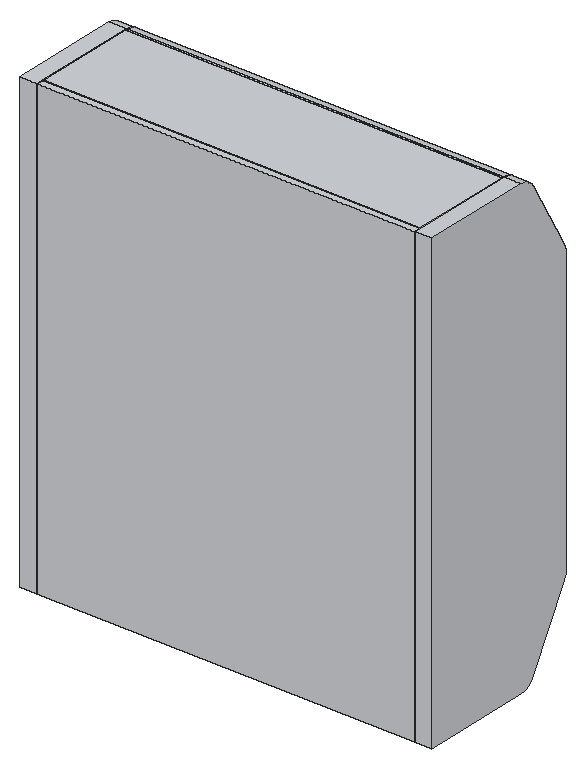
Revit family "Caspian LST 60 Mk1", category Mechanical Equipment, host Wall, Revit 2017
Family settings
  Host = Wall
  Round Connector Dimension = Use Diameter
  Part Type = Normal
  OmniClass Number = 23.75.00.00
  OmniClass Title = Climate Control (HVAC)
  Always vertical = Yes
  Cut with Voids When Loaded = No
  Shared = No
  Room Calculation Point = No
Parameters (values of type "Type 1")
  WarrantyStartDate [instance] = ""
  WarrantyGuarantorParts = ""
  WarrantyGuarantorLabor = ""
  WarrantyDurationUnit = ""
  WarrantyDurationParts = ""
  WarrantyDurationLabor = ""
  WarrantyDescription = "5 years from date of purchase"
  Version = ""
  Uniclass2015Version = ""
  Uniclass2015Title = ""
  Uniclass2015Reference = "Ss_60_40_37_51"
  Uniclass2015Code = ""
  URL = "http://smithsep.co.uk/products/caspian-universal/"
  TagNumber [instance] = ""
  SustainabilityPerformance = ""
  Specification = none
  Size = ""
  Shape = ""
  SerialNumber [instance] = ""
  Revision = "Rev1 - October 2016"
  ReplacementCost = ""
  ProductInformation = ""
  NominalWidth = 0 mm
  NominalLength = 0 mm
  NominalHeight = 0 mm
  Name = ""
  NBSReference = "T90 Heating systems"
  NBSDescription = ""
  ModelReference = ""
  ModelNumber = ""
  Model = "Caspian UV 60 MK1"
  Material = ""
  ManufacturerURL = "http://www.smithsep.co.uk/"
  Manufacturer = "Smiths Enviromental Products LTD"
  InstallationDate [instance] = ""
  Installation Guide = "http://smithsep.co.uk/wp-content/uploads/2016/09/Smiths-Caspian-Universal-Installation-and-User-Guide.pdf"
  IfcExportType = ""
  IfcExportAs = ""
  Grade = ""
  Finish = "Zinc-coated steel 1.2mm."
  Features = ""
  ExpectedLife = ""
  DurationUnit = ""
  Description = "One heating solution for a variety of applications - suitable for high, low or ceilingmounted\r\ninstallation, you can even turn it upside down."
  Data Sheet = "http://smithsep.co.uk/wp-content/uploads/2016/09/Smiths-Caspian-Universal-Data-Sheet.pdf"
  Constituents = ""
  Color = "Polyester powdercoated: White RAL 9010"
  CodePerformance = ""
  Category = ""
  BarCode [instance] = ""
  BIMObjectName = ""
  Author = ""
  AssetType = ""
  AssetIdentifier [instance] = ""
  Assembly Code = "D3020300"
  Accessories = none
  AccessibilityPerformance = ""
Reference planes
  plane 1 "Wall": y = 0
  plane 2 "Center (Left/Right)": x = 0
  plane 3 "Back": y = 75
Forms (mm)
  Sweep 1, solid, material <- "Specification"
    path origin (0, 0, 0) x (1, 0, 0) y (0, 1, 0)
      loop
        line (272.5, 75) -> (-272.5, 75)
    profile origin (0, 75, 0) x (0, -1, 0) y (0, 0, 1)
      loop
        arc (-183.157, 12.796) -> (-173.985, 3.435) -> (-161.338, 0) r 25
        line (-161.338, 0) -> (-159, 0) -> (-159, 10) -> (-10, 10) -> (-10, 0) -> (0, 0) -> (0, 660) -> (-10, 660) -> (-10, 650) -> (-159, 650) -> (-159, 660) -> (-161.338, 660)
        arc (-161.338, 660) -> (-173.985, 656.565) -> (-183.157, 647.204) r 25
        line (-183.157, 647.204) -> (-238.819, 547.687)
        arc (-238.819, 547.687) -> (-241.192, 541.789) -> (-242, 535.484) r 25
        line (-242, 535.484) -> (-232, 535.484) -> (-232, 124.516) -> (-242, 124.516)
        arc (-242, 124.516) -> (-241.192, 118.211) -> (-238.819, 112.313) r 25
        line (-238.819, 112.313) -> (-183.157, 12.796)
  Extrusion 2, solid, material <- "Specification"
    sketch origin (0, -20.181, 22.926) x (1, 0, 0) y (0, 1, 0)
      loop
        circle (252.5, 161.181) r 7.5
    from 251.074 to 317.074
  Extrusion 3, solid, material <- "Specification"
    sketch origin (0, 89.819, 22.926) x (1, 0, 0) y (0, 1, 0)
      loop
        circle (252.5, 161.181) r 7.5
    from 251.074 to 317.074
  Sweep 4, solid, material <- "Specification"
    path origin (-285, 0, 0) x (1, 0, 0) y (0, 1, 0)
      loop
        line (12.5, 75) -> (-12.5, 75)
    profile origin (-285, 75, 0) x (0, -1, 0) y (0, 0, 1)
      loop
        line (0, 0) -> (0, 660) -> (-161.338, 660)
        arc (-161.338, 660) -> (-173.985, 656.565) -> (-183.157, 647.204) r 25
        line (-183.157, 647.204) -> (-238.819, 547.687)
        arc (-238.819, 547.687) -> (-241.192, 541.789) -> (-242, 535.484) r 25
        line (-242, 535.484) -> (-242, 124.516)
        arc (-242, 124.516) -> (-241.192, 118.211) -> (-238.819, 112.313) r 25
        line (-238.819, 112.313) -> (-183.157, 12.796)
        arc (-183.157, 12.796) -> (-173.985, 3.435) -> (-161.338, 0) r 25
        line (-161.338, 0) -> (0, 0)
  Sweep 5, solid, material <- "Specification"
    path origin (285, 0, 0) x (-1, 0, 0) y (0, -1, 0)
      loop
        line (12.5, -75) -> (-12.5, -75)
    profile origin (285, 75, 0) x (0, 1, 0) y (0, 0, 1)
      loop
        line (0, 0) -> (161.338, 0)
        arc (161.338, 0) -> (173.985, 3.435) -> (183.157, 12.796) r 25
        line (183.157, 12.796) -> (238.819, 112.313)
        arc (238.819, 112.313) -> (241.192, 118.211) -> (242, 124.516) r 25
        line (242, 124.516) -> (242, 535.484)
        arc (242, 535.484) -> (241.192, 541.789) -> (238.819, 547.687) r 25
        line (238.819, 547.687) -> (183.157, 647.204)
        arc (183.157, 647.204) -> (173.985, 656.565) -> (161.338, 660) r 25
        line (161.338, 660) -> (0, 660) -> (0, 0)
  Sweep 6, solid
    path origin (0, 0, -9.273) x (1, 0, 0) y (0, 1, 0)
      loop
        line (272.5, 75) -> (-272.5, 75)
    profile origin (0, 75, -9.273) x (0, -1, 0) y (0, 0, 1)
      loop
        line (-242, 516.273) -> (-242, 162.273) -> (-232, 162.273) -> (-232, 516.273) -> (-242, 516.273)
  Sweep 7, solid, material <- "Specification"
    path origin (0, 591.273, 343) x (1, 0, 0) y (0, 0, 1)
      loop
        line (272.5, 75) -> (-272.5, 75)
    profile origin (0, 591.273, 418) x (0, 0, -1) y (0, -1, 0)
      loop
        line (-242, 506.273) -> (-242, 357.273) -> (-232, 357.273) -> (-232, 506.273) -> (-242, 506.273)
  Sweep 8, solid, material <- "Specification"
    path origin (0, 591.273, -307) x (1, 0, 0) y (0, 0, 1)
      loop
        line (272.5, 75) -> (-272.5, 75)
    profile origin (0, 591.273, -232) x (0, 0, -1) y (0, -1, 0)
      loop
        line (-242, 506.273) -> (-242, 357.273) -> (-232, 357.273) -> (-232, 506.273) -> (-242, 506.273)
  Sweep 9, solid, material <- "Specification"
    path origin (0, 0, 19.21) x (1, 0, 0) y (0, 1, 0)
      loop
        line (272.5, 75) -> (-272.5, 75)
    profile origin (0, 75, 19.21) x (0, -1, 0) y (0, 0, 1)
      loop
        line (-242, 516.273) -> (-242, 487.79) -> (-232, 487.79) -> (-232, 516.273) -> (-242, 516.273)
  Sweep 10, solid, material <- "Specification"
    path origin (0, 0, -363.273) x (1, 0, 0) y (0, 1, 0)
      loop
        line (272.5, 75) -> (-272.5, 75)
    profile origin (0, 75, -363.273) x (0, -1, 0) y (0, 0, 1)
      loop
        line (-242, 516.273) -> (-242, 487.79) -> (-232, 487.79) -> (-232, 516.273) -> (-242, 516.273)
  Extrusion 11, solid, material <- "Specification"
    sketch origin (-3.769, 0, 0) x (0, 1, 0) y (0, 0, 1)
      loop
        line (310.877, 552.946) -> (309.269, 555.822) -> (307.087, 554.602) -> (308.696, 551.726) -> (310.877, 552.946)
    from 210 to 250
  Extrusion 12, solid, material <- "Specification"
    sketch origin (-6.25, 0, 660) x (0, 1, 0) y (0, 0, 1)
      loop
        line (310.877, -552.946) -> (308.696, -551.726) -> (261.439, -636.214) -> (263.621, -637.435) -> (310.877, -552.946)
    from 247.5 to 250
  Extrusion 13, solid, material <- "Specification"
    sketch origin (-11.25, 0, 660) x (0, 1, 0) y (0, 0, 1)
      loop
        line (310.877, -552.946) -> (308.696, -551.726) -> (261.439, -636.214) -> (263.621, -637.435) -> (310.877, -552.946)
    from 247.5 to 250
  Extrusion 14, solid, material <- "Specification"
    sketch origin (-16.25, 0, 660) x (0, 1, 0) y (0, 0, 1)
      loop
        line (310.877, -552.946) -> (308.696, -551.726) -> (261.439, -636.214) -> (263.621, -637.435) -> (310.877, -552.946)
    from 247.5 to 250
  Extrusion 15, solid, material <- "Specification"
    sketch origin (-21.25, 0, 660) x (0, 1, 0) y (0, 0, 1)
      loop
        line (310.877, -552.946) -> (308.696, -551.726) -> (261.439, -636.214) -> (263.621, -637.435) -> (310.877, -552.946)
    from 247.5 to 250
  Extrusion 16, solid, material <- "Specification"
    sketch origin (-26.25, 0, 660) x (0, 1, 0) y (0, 0, 1)
      loop
        line (310.877, -552.946) -> (308.696, -551.726) -> (261.439, -636.214) -> (263.621, -637.435) -> (310.877, -552.946)
    from 247.5 to 250
  Extrusion 17, solid, material <- "Specification"
    sketch origin (-31.25, 0, 660) x (0, 1, 0) y (0, 0, 1)
      loop
        line (310.877, -552.946) -> (308.696, -551.726) -> (261.439, -636.214) -> (263.621, -637.435) -> (310.877, -552.946)
    from 247.5 to 250
  Extrusion 18, solid, material <- "Specification"
    sketch origin (-36.25, 0, 660) x (0, 1, 0) y (0, 0, 1)
      loop
        line (310.877, -552.946) -> (308.696, -551.726) -> (261.439, -636.214) -> (263.621, -637.435) -> (310.877, -552.946)
    from 247.5 to 250
  Extrusion 19, solid, material <- "Specification"
    sketch origin (-41.25, 0, 660) x (0, 1, 0) y (0, 0, 1)
      loop
        line (310.877, -552.946) -> (308.696, -551.726) -> (261.439, -636.214) -> (263.621, -637.435) -> (310.877, -552.946)
    from 247.5 to 250
  Extrusion 20, solid, material <- "Specification"
    sketch origin (-46.25, 0, 660) x (0, 1, 0) y (0, 0, 1)
      loop
        line (310.877, -552.946) -> (308.696, -551.726) -> (261.439, -636.214) -> (263.621, -637.435) -> (310.877, -552.946)
    from 247.5 to 250
  Extrusion 21, solid, material <- "Specification"
    sketch origin (-51.25, 0, 660) x (0, 1, 0) y (0, 0, 1)
      loop
        line (310.877, -552.946) -> (308.696, -551.726) -> (261.439, -636.214) -> (263.621, -637.435) -> (310.877, -552.946)
    from 247.5 to 250
  Extrusion 22, solid, material <- "Specification"
    sketch origin (-56.25, 0, 660) x (0, 1, 0) y (0, 0, 1)
      loop
        line (310.877, -552.946) -> (308.696, -551.726) -> (261.439, -636.214) -> (263.621, -637.435) -> (310.877, -552.946)
    from 247.5 to 250
  Extrusion 23, solid, material <- "Specification"
    sketch origin (-61.25, 0, 660) x (0, 1, 0) y (0, 0, 1)
      loop
        line (310.877, -552.946) -> (308.696, -551.726) -> (261.439, -636.214) -> (263.621, -637.435) -> (310.877, -552.946)
    from 247.5 to 250
  Extrusion 24, solid, material <- "Specification"
    sketch origin (-66.25, 0, 660) x (0, 1, 0) y (0, 0, 1)
      loop
        line (310.877, -552.946) -> (308.696, -551.726) -> (261.439, -636.214) -> (263.621, -637.435) -> (310.877, -552.946)
    from 247.5 to 250
  Extrusion 25, solid, material <- "Specification"
    sketch origin (-71.25, 0, 660) x (0, 1, 0) y (0, 0, 1)
      loop
        line (310.877, -552.946) -> (308.696, -551.726) -> (261.439, -636.214) -> (263.621, -637.435) -> (310.877, -552.946)
    from 247.5 to 250
  Extrusion 26, solid, material <- "Specification"
    sketch origin (-76.25, 0, 660) x (0, 1, 0) y (0, 0, 1)
      loop
        line (310.877, -552.946) -> (308.696, -551.726) -> (261.439, -636.214) -> (263.621, -637.435) -> (310.877, -552.946)
    from 247.5 to 250
  Extrusion 27, solid, material <- "Specification"
    sketch origin (-81.25, 0, 660) x (0, 1, 0) y (0, 0, 1)
      loop
        line (310.877, -552.946) -> (308.696, -551.726) -> (261.439, -636.214) -> (263.621, -637.435) -> (310.877, -552.946)
    from 247.5 to 250
  Extrusion 28, solid, material <- "Specification"
    sketch origin (-86.25, 0, 660) x (0, 1, 0) y (0, 0, 1)
      loop
        line (310.877, -552.946) -> (308.696, -551.726) -> (261.439, -636.214) -> (263.621, -637.435) -> (310.877, -552.946)
    from 247.5 to 250
  Extrusion 29, solid, material <- "Specification"
    sketch origin (-91.25, 0, 660) x (0, 1, 0) y (0, 0, 1)
      loop
        line (310.877, -552.946) -> (308.696, -551.726) -> (261.439, -636.214) -> (263.621, -637.435) -> (310.877, -552.946)
    from 247.5 to 250
  Extrusion 30, solid, material <- "Specification"
    sketch origin (-96.25, 0, 660) x (0, 1, 0) y (0, 0, 1)
      loop
        line (310.877, -552.946) -> (308.696, -551.726) -> (261.439, -636.214) -> (263.621, -637.435) -> (310.877, -552.946)
    from 247.5 to 250
  Extrusion 31, solid, material <- "Specification"
    sketch origin (-101.25, 0, 660) x (0, 1, 0) y (0, 0, 1)
      loop
        line (310.877, -552.946) -> (308.696, -551.726) -> (261.439, -636.214) -> (263.621, -637.435) -> (310.877, -552.946)
    from 247.5 to 250
  Extrusion 32, solid, material <- "Specification"
    sketch origin (-106.25, 0, 660) x (0, 1, 0) y (0, 0, 1)
      loop
        line (310.877, -552.946) -> (308.696, -551.726) -> (261.439, -636.214) -> (263.621, -637.435) -> (310.877, -552.946)
    from 247.5 to 250
  Extrusion 33, solid, material <- "Specification"
    sketch origin (-111.25, 0, 660) x (0, 1, 0) y (0, 0, 1)
      loop
        line (310.877, -552.946) -> (308.696, -551.726) -> (261.439, -636.214) -> (263.621, -637.435) -> (310.877, -552.946)
    from 247.5 to 250
  Extrusion 34, solid, material <- "Specification"
    sketch origin (-116.25, 0, 660) x (0, 1, 0) y (0, 0, 1)
      loop
        line (310.877, -552.946) -> (308.696, -551.726) -> (261.439, -636.214) -> (263.621, -637.435) -> (310.877, -552.946)
    from 247.5 to 250
  Extrusion 35, solid, material <- "Specification"
    sketch origin (-121.25, 0, 660) x (0, 1, 0) y (0, 0, 1)
      loop
        line (310.877, -552.946) -> (308.696, -551.726) -> (261.439, -636.214) -> (263.621, -637.435) -> (310.877, -552.946)
    from 247.5 to 250
  Extrusion 36, solid, material <- "Specification"
    sketch origin (-126.25, 0, 660) x (0, 1, 0) y (0, 0, 1)
      loop
        line (310.877, -552.946) -> (308.696, -551.726) -> (261.439, -636.214) -> (263.621, -637.435) -> (310.877, -552.946)
    from 247.5 to 250
  Extrusion 37, solid, material <- "Specification"
    sketch origin (-131.25, 0, 660) x (0, 1, 0) y (0, 0, 1)
      loop
        line (310.877, -552.946) -> (308.696, -551.726) -> (261.439, -636.214) -> (263.621, -637.435) -> (310.877, -552.946)
    from 247.5 to 250
  Extrusion 38, solid, material <- "Specification"
    sketch origin (-136.25, 0, 660) x (0, 1, 0) y (0, 0, 1)
      loop
        line (310.877, -552.946) -> (308.696, -551.726) -> (261.439, -636.214) -> (263.621, -637.435) -> (310.877, -552.946)
    from 247.5 to 250
  Extrusion 39, solid, material <- "Specification"
    sketch origin (-141.25, 0, 660) x (0, 1, 0) y (0, 0, 1)
      loop
        line (310.877, -552.946) -> (308.696, -551.726) -> (261.439, -636.214) -> (263.621, -637.435) -> (310.877, -552.946)
    from 247.5 to 250
  Extrusion 40, solid, material <- "Specification"
    sketch origin (-146.25, 0, 660) x (0, 1, 0) y (0, 0, 1)
      loop
        line (310.877, -552.946) -> (308.696, -551.726) -> (261.439, -636.214) -> (263.621, -637.435) -> (310.877, -552.946)
    from 247.5 to 250
  Extrusion 41, solid, material <- "Specification"
    sketch origin (-151.25, 0, 660) x (0, 1, 0) y (0, 0, 1)
      loop
        line (310.877, -552.946) -> (308.696, -551.726) -> (261.439, -636.214) -> (263.621, -637.435) -> (310.877, -552.946)
    from 247.5 to 250
  Extrusion 42, solid, material <- "Specification"
    sketch origin (-156.25, 0, 660) x (0, 1, 0) y (0, 0, 1)
      loop
        line (310.877, -552.946) -> (308.696, -551.726) -> (261.439, -636.214) -> (263.621, -637.435) -> (310.877, -552.946)
    from 247.5 to 250
  Extrusion 43, solid, material <- "Specification"
    sketch origin (-161.25, 0, 660) x (0, 1, 0) y (0, 0, 1)
      loop
        line (310.877, -552.946) -> (308.696, -551.726) -> (261.439, -636.214) -> (263.621, -637.435) -> (310.877, -552.946)
    from 247.5 to 250
  Extrusion 44, solid, material <- "Specification"
    sketch origin (-166.25, 0, 660) x (0, 1, 0) y (0, 0, 1)
      loop
        line (310.877, -552.946) -> (308.696, -551.726) -> (261.439, -636.214) -> (263.621, -637.435) -> (310.877, -552.946)
    from 247.5 to 250
  Extrusion 45, solid, material <- "Specification"
    sketch origin (-171.25, 0, 660) x (0, 1, 0) y (0, 0, 1)
      loop
        line (310.877, -552.946) -> (308.696, -551.726) -> (261.439, -636.214) -> (263.621, -637.435) -> (310.877, -552.946)
    from 247.5 to 250
  Extrusion 46, solid, material <- "Specification"
    sketch origin (-176.25, 0, 660) x (0, 1, 0) y (0, 0, 1)
      loop
        line (310.877, -552.946) -> (308.696, -551.726) -> (261.439, -636.214) -> (263.621, -637.435) -> (310.877, -552.946)
    from 247.5 to 250
  Extrusion 47, solid, material <- "Specification"
    sketch origin (-181.25, 0, 660) x (0, 1, 0) y (0, 0, 1)
      loop
        line (310.877, -552.946) -> (308.696, -551.726) -> (261.439, -636.214) -> (263.621, -637.435) -> (310.877, -552.946)
    from 247.5 to 250
  Extrusion 48, solid, material <- "Specification"
    sketch origin (-186.25, 0, 660) x (0, 1, 0) y (0, 0, 1)
      loop
        line (310.877, -552.946) -> (308.696, -551.726) -> (261.439, -636.214) -> (263.621, -637.435) -> (310.877, -552.946)
    from 247.5 to 250
  Extrusion 49, solid, material <- "Specification"
    sketch origin (-191.25, 0, 660) x (0, 1, 0) y (0, 0, 1)
      loop
        line (310.877, -552.946) -> (308.696, -551.726) -> (261.439, -636.214) -> (263.621, -637.435) -> (310.877, -552.946)
    from 247.5 to 250
  Extrusion 50, solid, material <- "Specification"
    sketch origin (-196.25, 0, 660) x (0, 1, 0) y (0, 0, 1)
      loop
        line (310.877, -552.946) -> (308.696, -551.726) -> (261.439, -636.214) -> (263.621, -637.435) -> (310.877, -552.946)
    from 247.5 to 250
  Extrusion 51, solid, material <- "Specification"
    sketch origin (-201.25, 0, 660) x (0, 1, 0) y (0, 0, 1)
      loop
        line (310.877, -552.946) -> (308.696, -551.726) -> (261.439, -636.214) -> (263.621, -637.435) -> (310.877, -552.946)
    from 247.5 to 250
  Extrusion 52, solid, material <- "Specification"
    sketch origin (-206.25, 0, 660) x (0, 1, 0) y (0, 0, 1)
      loop
        line (310.877, -552.946) -> (308.696, -551.726) -> (261.439, -636.214) -> (263.621, -637.435) -> (310.877, -552.946)
    from 247.5 to 250
  Extrusion 53, solid, material <- "Specification"
    sketch origin (-211.25, 0, 660) x (0, 1, 0) y (0, 0, 1)
      loop
        line (310.877, -552.946) -> (308.696, -551.726) -> (261.439, -636.214) -> (263.621, -637.435) -> (310.877, -552.946)
    from 247.5 to 250
  Extrusion 54, solid, material <- "Specification"
    sketch origin (-216.25, 0, 660) x (0, 1, 0) y (0, 0, 1)
      loop
        line (310.877, -552.946) -> (308.696, -551.726) -> (261.439, -636.214) -> (263.621, -637.435) -> (310.877, -552.946)
    from 247.5 to 250
  Extrusion 55, solid, material <- "Specification"
    sketch origin (-221.25, 0, 660) x (0, 1, 0) y (0, 0, 1)
      loop
        line (310.877, -552.946) -> (308.696, -551.726) -> (261.439, -636.214) -> (263.621, -637.435) -> (310.877, -552.946)
    from 247.5 to 250
  Extrusion 56, solid, material <- "Specification"
    sketch origin (-226.25, 0, 660) x (0, 1, 0) y (0, 0, 1)
      loop
        line (310.877, -552.946) -> (308.696, -551.726) -> (261.439, -636.214) -> (263.621, -637.435) -> (310.877, -552.946)
    from 247.5 to 250
  Extrusion 57, solid, material <- "Specification"
    sketch origin (-231.25, 0, 660) x (0, 1, 0) y (0, 0, 1)
      loop
        line (310.877, -552.946) -> (308.696, -551.726) -> (261.439, -636.214) -> (263.621, -637.435) -> (310.877, -552.946)
    from 247.5 to 250
  Extrusion 58, solid, material <- "Specification"
    sketch origin (-236.25, 0, 660) x (0, 1, 0) y (0, 0, 1)
      loop
        line (310.877, -552.946) -> (308.696, -551.726) -> (261.439, -636.214) -> (263.621, -637.435) -> (310.877, -552.946)
    from 247.5 to 250
  Extrusion 59, solid, material <- "Specification"
    sketch origin (-241.231, 0.436, 660) x (0, 1, 0) y (0, 0, 1)
      loop
        line (310.877, -552.946) -> (308.696, -551.726) -> (261.439, -636.214) -> (263.621, -637.435) -> (310.877, -552.946)
    from 247.5 to 250
  Extrusion 60, solid, material <- "Specification"
    sketch origin (-246.231, 0.436, 660) x (0, 1, 0) y (0, 0, 1)
      loop
        line (310.877, -552.946) -> (308.696, -551.726) -> (261.439, -636.214) -> (263.621, -637.435) -> (310.877, -552.946)
    from 247.5 to 250
  Extrusion 61, solid, material <- "Specification"
    sketch origin (-251.231, 0.436, 660) x (0, 1, 0) y (0, 0, 1)
      loop
        line (310.877, -552.946) -> (308.696, -551.726) -> (261.439, -636.214) -> (263.621, -637.435) -> (310.877, -552.946)
    from 247.5 to 250
  Extrusion 62, solid, material <- "Specification"
    sketch origin (-256.231, 0.436, 660) x (0, 1, 0) y (0, 0, 1)
      loop
        line (310.877, -552.946) -> (308.696, -551.726) -> (261.439, -636.214) -> (263.621, -637.435) -> (310.877, -552.946)
    from 247.5 to 250
  Extrusion 63, solid, material <- "Specification"
    sketch origin (-261.231, 0.436, 660) x (0, 1, 0) y (0, 0, 1)
      loop
        line (310.877, -552.946) -> (308.696, -551.726) -> (261.439, -636.214) -> (263.621, -637.435) -> (310.877, -552.946)
    from 247.5 to 250
  Extrusion 64, solid, material <- "Specification"
    sketch origin (-266.231, 0.436, 660) x (0, 1, 0) y (0, 0, 1)
      loop
        line (310.877, -552.946) -> (308.696, -551.726) -> (261.439, -636.214) -> (263.621, -637.435) -> (310.877, -552.946)
    from 247.5 to 250
  Extrusion 65, solid, material <- "Specification"
    sketch origin (-271.231, 0.436, 660) x (0, 1, 0) y (0, 0, 1)
      loop
        line (310.877, -552.946) -> (308.696, -551.726) -> (261.439, -636.214) -> (263.621, -637.435) -> (310.877, -552.946)
    from 247.5 to 250
  Extrusion 66, solid, material <- "Specification"
    sketch origin (-276.231, 0.436, 660) x (0, 1, 0) y (0, 0, 1)
      loop
        line (310.877, -552.946) -> (308.696, -551.726) -> (261.439, -636.214) -> (263.621, -637.435) -> (310.877, -552.946)
    from 247.5 to 250
  Extrusion 67, solid, material <- "Specification"
    sketch origin (-281.231, 0.436, 660) x (0, 1, 0) y (0, 0, 1)
      loop
        line (310.877, -552.946) -> (308.696, -551.726) -> (261.439, -636.214) -> (263.621, -637.435) -> (310.877, -552.946)
    from 247.5 to 250
  Extrusion 68, solid, material <- "Specification"
    sketch origin (-286.231, 0.436, 660) x (0, 1, 0) y (0, 0, 1)
      loop
        line (310.877, -552.946) -> (308.696, -551.726) -> (261.439, -636.214) -> (263.621, -637.435) -> (310.877, -552.946)
    from 247.5 to 250
  Extrusion 69, solid, material <- "Specification"
    sketch origin (-291.231, 0.436, 660) x (0, 1, 0) y (0, 0, 1)
      loop
        line (310.877, -552.946) -> (308.696, -551.726) -> (261.439, -636.214) -> (263.621, -637.435) -> (310.877, -552.946)
    from 247.5 to 250
  Extrusion 70, solid, material <- "Specification"
    sketch origin (-296.231, 0.436, 660) x (0, 1, 0) y (0, 0, 1)
      loop
        line (310.877, -552.946) -> (308.696, -551.726) -> (261.439, -636.214) -> (263.621, -637.435) -> (310.877, -552.946)
    from 247.5 to 250
  Extrusion 71, solid, material <- "Specification"
    sketch origin (-301.231, 0.436, 660) x (0, 1, 0) y (0, 0, 1)
      loop
        line (310.877, -552.946) -> (308.696, -551.726) -> (261.439, -636.214) -> (263.621, -637.435) -> (310.877, -552.946)
    from 247.5 to 250
  Extrusion 72, solid, material <- "Specification"
    sketch origin (-306.231, 0.436, 660) x (0, 1, 0) y (0, 0, 1)
      loop
        line (310.877, -552.946) -> (308.696, -551.726) -> (261.439, -636.214) -> (263.621, -637.435) -> (310.877, -552.946)
    from 247.5 to 250
  Extrusion 73, solid, material <- "Specification"
    sketch origin (-311.231, 0.436, 660) x (0, 1, 0) y (0, 0, 1)
      loop
        line (310.877, -552.946) -> (308.696, -551.726) -> (261.439, -636.214) -> (263.621, -637.435) -> (310.877, -552.946)
    from 247.5 to 250
  Extrusion 74, solid, material <- "Specification"
    sketch origin (-316.231, 0.436, 660) x (0, 1, 0) y (0, 0, 1)
      loop
        line (310.877, -552.946) -> (308.696, -551.726) -> (261.439, -636.214) -> (263.621, -637.435) -> (310.877, -552.946)
    from 247.5 to 250
  Extrusion 75, solid, material <- "Specification"
    sketch origin (-321.231, 0.436, 660) x (0, 1, 0) y (0, 0, 1)
      loop
        line (310.877, -552.946) -> (308.696, -551.726) -> (261.439, -636.214) -> (263.621, -637.435) -> (310.877, -552.946)
    from 247.5 to 250
  Extrusion 76, solid, material <- "Specification"
    sketch origin (-326.231, 0.436, 660) x (0, 1, 0) y (0, 0, 1)
      loop
        line (310.877, -552.946) -> (308.696, -551.726) -> (261.439, -636.214) -> (263.621, -637.435) -> (310.877, -552.946)
    from 247.5 to 250
  Extrusion 77, solid, material <- "Specification"
    sketch origin (-331.231, 0.436, 660) x (0, 1, 0) y (0, 0, 1)
      loop
        line (310.877, -552.946) -> (308.696, -551.726) -> (261.439, -636.214) -> (263.621, -637.435) -> (310.877, -552.946)
    from 247.5 to 250
  Extrusion 78, solid, material <- "Specification"
    sketch origin (-336.231, 0.436, 660) x (0, 1, 0) y (0, 0, 1)
      loop
        line (310.877, -552.946) -> (308.696, -551.726) -> (261.439, -636.214) -> (263.621, -637.435) -> (310.877, -552.946)
    from 247.5 to 250
  Extrusion 79, solid, material <- "Specification"
    sketch origin (-341.231, 0.436, 660) x (0, 1, 0) y (0, 0, 1)
      loop
        line (310.877, -552.946) -> (308.696, -551.726) -> (261.439, -636.214) -> (263.621, -637.435) -> (310.877, -552.946)
    from 247.5 to 250
  Extrusion 80, solid, material <- "Specification"
    sketch origin (-346.231, 0.436, 660) x (0, 1, 0) y (0, 0, 1)
      loop
        line (310.877, -552.946) -> (308.696, -551.726) -> (261.439, -636.214) -> (263.621, -637.435) -> (310.877, -552.946)
    from 247.5 to 250
  Extrusion 81, solid, material <- "Specification"
    sketch origin (-351.231, 0.436, 660) x (0, 1, 0) y (0, 0, 1)
      loop
        line (310.877, -552.946) -> (308.696, -551.726) -> (261.439, -636.214) -> (263.621, -637.435) -> (310.877, -552.946)
    from 247.5 to 250
  Extrusion 82, solid, material <- "Specification"
    sketch origin (-356.231, 0.436, 660) x (0, 1, 0) y (0, 0, 1)
      loop
        line (310.877, -552.946) -> (308.696, -551.726) -> (261.439, -636.214) -> (263.621, -637.435) -> (310.877, -552.946)
    from 247.5 to 250
  Extrusion 83, solid, material <- "Specification"
    sketch origin (-361.231, 0.436, 660) x (0, 1, 0) y (0, 0, 1)
      loop
        line (310.877, -552.946) -> (308.696, -551.726) -> (261.439, -636.214) -> (263.621, -637.435) -> (310.877, -552.946)
    from 247.5 to 250
  Extrusion 84, solid, material <- "Specification"
    sketch origin (-366.231, 0.436, 660) x (0, 1, 0) y (0, 0, 1)
      loop
        line (310.877, -552.946) -> (308.696, -551.726) -> (261.439, -636.214) -> (263.621, -637.435) -> (310.877, -552.946)
    from 247.5 to 250
  Extrusion 85, solid, material <- "Specification"
    sketch origin (-371.231, 0.436, 660) x (0, 1, 0) y (0, 0, 1)
      loop
        line (310.877, -552.946) -> (308.696, -551.726) -> (261.439, -636.214) -> (263.621, -637.435) -> (310.877, -552.946)
    from 247.5 to 250
  Extrusion 86, solid, material <- "Specification"
    sketch origin (-376.231, 0.436, 660) x (0, 1, 0) y (0, 0, 1)
      loop
        line (310.877, -552.946) -> (308.696, -551.726) -> (261.439, -636.214) -> (263.621, -637.435) -> (310.877, -552.946)
    from 247.5 to 250
  Extrusion 87, solid, material <- "Specification"
    sketch origin (-381.231, 0.436, 660) x (0, 1, 0) y (0, 0, 1)
      loop
        line (310.877, -552.946) -> (308.696, -551.726) -> (261.439, -636.214) -> (263.621, -637.435) -> (310.877, -552.946)
    from 247.5 to 250
  Extrusion 88, solid, material <- "Specification"
    sketch origin (-386.231, 0.436, 660) x (0, 1, 0) y (0, 0, 1)
      loop
        line (310.877, -552.946) -> (308.696, -551.726) -> (261.439, -636.214) -> (263.621, -637.435) -> (310.877, -552.946)
    from 247.5 to 250
  Extrusion 89, solid, material <- "Specification"
    sketch origin (-391.231, 0.436, 660) x (0, 1, 0) y (0, 0, 1)
      loop
        line (310.877, -552.946) -> (308.696, -551.726) -> (261.439, -636.214) -> (263.621, -637.435) -> (310.877, -552.946)
    from 247.5 to 250
  Extrusion 90, solid, material <- "Specification"
    sketch origin (-396.231, 0.436, 660) x (0, 1, 0) y (0, 0, 1)
      loop
        line (310.877, -552.946) -> (308.696, -551.726) -> (261.439, -636.214) -> (263.621, -637.435) -> (310.877, -552.946)
    from 247.5 to 250
  Extrusion 91, solid, material <- "Specification"
    sketch origin (-401.231, 0.436, 660) x (0, 1, 0) y (0, 0, 1)
      loop
        line (310.877, -552.946) -> (308.696, -551.726) -> (261.439, -636.214) -> (263.621, -637.435) -> (310.877, -552.946)
    from 247.5 to 250
  Extrusion 92, solid, material <- "Specification"
    sketch origin (-406.231, 0.436, 660) x (0, 1, 0) y (0, 0, 1)
      loop
        line (310.877, -552.946) -> (308.696, -551.726) -> (261.439, -636.214) -> (263.621, -637.435) -> (310.877, -552.946)
    from 247.5 to 250
  Extrusion 93, solid, material <- "Specification"
    sketch origin (-411.231, 0.436, 660) x (0, 1, 0) y (0, 0, 1)
      loop
        line (310.877, -552.946) -> (308.696, -551.726) -> (261.439, -636.214) -> (263.621, -637.435) -> (310.877, -552.946)
    from 247.5 to 250
  Extrusion 94, solid, material <- "Specification"
    sketch origin (-416.231, 0.436, 660) x (0, 1, 0) y (0, 0, 1)
      loop
        line (310.877, -552.946) -> (308.696, -551.726) -> (261.439, -636.214) -> (263.621, -637.435) -> (310.877, -552.946)
    from 247.5 to 250
  Extrusion 95, solid, material <- "Specification"
    sketch origin (-421.231, 0.436, 660) x (0, 1, 0) y (0, 0, 1)
      loop
        line (310.877, -552.946) -> (308.696, -551.726) -> (261.439, -636.214) -> (263.621, -637.435) -> (310.877, -552.946)
    from 247.5 to 250
  Extrusion 96, solid, material <- "Specification"
    sketch origin (-426.231, 0.436, 660) x (0, 1, 0) y (0, 0, 1)
      loop
        line (310.877, -552.946) -> (308.696, -551.726) -> (261.439, -636.214) -> (263.621, -637.435) -> (310.877, -552.946)
    from 247.5 to 250
  Extrusion 97, solid, material <- "Specification"
    sketch origin (-431.231, 0.436, 660) x (0, 1, 0) y (0, 0, 1)
      loop
        line (310.877, -552.946) -> (308.696, -551.726) -> (261.439, -636.214) -> (263.621, -637.435) -> (310.877, -552.946)
    from 247.5 to 250
  Extrusion 98, solid, material <- "Specification"
    sketch origin (-436.231, 0.436, 660) x (0, 1, 0) y (0, 0, 1)
      loop
        line (310.877, -552.946) -> (308.696, -551.726) -> (261.439, -636.214) -> (263.621, -637.435) -> (310.877, -552.946)
    from 247.5 to 250
  Extrusion 99, solid, material <- "Specification"
    sketch origin (-441.231, 0.436, 660) x (0, 1, 0) y (0, 0, 1)
      loop
        line (310.877, -552.946) -> (308.696, -551.726) -> (261.439, -636.214) -> (263.621, -637.435) -> (310.877, -552.946)
    from 247.5 to 250
  Extrusion 100, solid, material <- "Specification"
    sketch origin (-446.231, 0.436, 660) x (0, 1, 0) y (0, 0, 1)
      loop
        line (310.877, -552.946) -> (308.696, -551.726) -> (261.439, -636.214) -> (263.621, -637.435) -> (310.877, -552.946)
    from 247.5 to 250
  Extrusion 101, solid, material <- "Specification"
    sketch origin (-451.231, 0.436, 660) x (0, 1, 0) y (0, 0, 1)
      loop
        line (310.877, -552.946) -> (308.696, -551.726) -> (261.439, -636.214) -> (263.621, -637.435) -> (310.877, -552.946)
    from 247.5 to 250
  Extrusion 102, solid, material <- "Specification"
    sketch origin (-456.231, 0.436, 660) x (0, 1, 0) y (0, 0, 1)
      loop
        line (310.877, -552.946) -> (308.696, -551.726) -> (261.439, -636.214) -> (263.621, -637.435) -> (310.877, -552.946)
    from 247.5 to 250
  Extrusion 103, solid, material <- "Specification"
    sketch origin (-461.231, 0.436, 660) x (0, 1, 0) y (0, 0, 1)
      loop
        line (310.877, -552.946) -> (308.696, -551.726) -> (261.439, -636.214) -> (263.621, -637.435) -> (310.877, -552.946)
    from 247.5 to 250
  Extrusion 104, solid, material <- "Specification"
    sketch origin (-466.231, 0.436, 660) x (0, 1, 0) y (0, 0, 1)
      loop
        line (310.877, -552.946) -> (308.696, -551.726) -> (261.439, -636.214) -> (263.621, -637.435) -> (310.877, -552.946)
    from 247.5 to 250
  Extrusion 105, solid, material <- "Specification"
    sketch origin (-471.231, 0.436, 660) x (0, 1, 0) y (0, 0, 1)
      loop
        line (310.877, -552.946) -> (308.696, -551.726) -> (261.439, -636.214) -> (263.621, -637.435) -> (310.877, -552.946)
    from 247.5 to 250
  Extrusion 106, solid, material <- "Specification"
    sketch origin (-476.231, 0.436, 660) x (0, 1, 0) y (0, 0, 1)
      loop
        line (310.877, -552.946) -> (308.696, -551.726) -> (261.439, -636.214) -> (263.621, -637.435) -> (310.877, -552.946)
    from 247.5 to 250
  Extrusion 107, solid, material <- "Specification"
    sketch origin (-481.231, 0.436, 660) x (0, 1, 0) y (0, 0, 1)
      loop
        line (310.877, -552.946) -> (308.696, -551.726) -> (261.439, -636.214) -> (263.621, -637.435) -> (310.877, -552.946)
    from 247.5 to 250
  Extrusion 108, solid, material <- "Specification"
    sketch origin (-486.231, 0.436, 660) x (0, 1, 0) y (0, 0, 1)
      loop
        line (310.877, -552.946) -> (308.696, -551.726) -> (261.439, -636.214) -> (263.621, -637.435) -> (310.877, -552.946)
    from 247.5 to 250
  Extrusion 109, solid, material <- "Specification"
    sketch origin (-491.231, 0.436, 660) x (0, 1, 0) y (0, 0, 1)
      loop
        line (310.877, -552.946) -> (308.696, -551.726) -> (261.439, -636.214) -> (263.621, -637.435) -> (310.877, -552.946)
    from 247.5 to 250
  Extrusion 110, solid, material <- "Specification"
    sketch origin (-496.231, 0.436, 660) x (0, 1, 0) y (0, 0, 1)
      loop
        line (310.877, -552.946) -> (308.696, -551.726) -> (261.439, -636.214) -> (263.621, -637.435) -> (310.877, -552.946)
    from 247.5 to 250
  Extrusion 111, solid, material <- "Specification"
    sketch origin (-501.231, 0.436, 660) x (0, 1, 0) y (0, 0, 1)
      loop
        line (310.877, -552.946) -> (308.696, -551.726) -> (261.439, -636.214) -> (263.621, -637.435) -> (310.877, -552.946)
    from 247.5 to 250
  Extrusion 112, solid, material <- "Specification"
    sketch origin (-48.769, 0, 0) x (0, 1, 0) y (0, 0, 1)
      loop
        line (310.877, 552.946) -> (309.269, 555.822) -> (307.087, 554.602) -> (308.696, 551.726) -> (310.877, 552.946)
    from 210 to 250
  Extrusion 113, solid, material <- "Specification"
    sketch origin (-93.769, 0, 0) x (0, 1, 0) y (0, 0, 1)
      loop
        line (310.877, 552.946) -> (309.269, 555.822) -> (307.087, 554.602) -> (308.696, 551.726) -> (310.877, 552.946)
    from 210 to 250
  Extrusion 114, solid, material <- "Specification"
    sketch origin (-138.769, 0, 0) x (0, 1, 0) y (0, 0, 1)
      loop
        line (310.877, 552.946) -> (309.269, 555.822) -> (307.087, 554.602) -> (308.696, 551.726) -> (310.877, 552.946)
    from 210 to 250
  Extrusion 115, solid, material <- "Specification"
    sketch origin (-183.769, 0, 0) x (0, 1, 0) y (0, 0, 1)
      loop
        line (310.877, 552.946) -> (309.269, 555.822) -> (307.087, 554.602) -> (308.696, 551.726) -> (310.877, 552.946)
    from 210 to 250
  Extrusion 116, solid, material <- "Specification"
    sketch origin (-228.769, 0, 0) x (0, 1, 0) y (0, 0, 1)
      loop
        line (310.877, 552.946) -> (309.269, 555.822) -> (307.087, 554.602) -> (308.696, 551.726) -> (310.877, 552.946)
    from 210 to 250
  Extrusion 117, solid, material <- "Specification"
    sketch origin (3.769, 0, 0) x (0, 1, 0) y (0, 0, -1)
      loop
        line (310.877, -552.946) -> (308.696, -551.726) -> (307.087, -554.602) -> (309.269, -555.822) -> (310.877, -552.946)
    from 210 to 250
  Extrusion 118, solid, material <- "Specification"
    sketch origin (48.769, 0, 0) x (0, 1, 0) y (0, 0, -1)
      loop
        line (310.877, -552.946) -> (308.696, -551.726) -> (307.087, -554.602) -> (309.269, -555.822) -> (310.877, -552.946)
    from 210 to 250
  Extrusion 119, solid, material <- "Specification"
    sketch origin (93.769, 0, 0) x (0, 1, 0) y (0, 0, -1)
      loop
        line (310.877, -552.946) -> (308.696, -551.726) -> (307.087, -554.602) -> (309.269, -555.822) -> (310.877, -552.946)
    from 210 to 250
  Extrusion 120, solid, material <- "Specification"
    sketch origin (138.769, 0, 0) x (0, 1, 0) y (0, 0, -1)
      loop
        line (310.877, -552.946) -> (308.696, -551.726) -> (307.087, -554.602) -> (309.269, -555.822) -> (310.877, -552.946)
    from 210 to 250
  Extrusion 121, solid, material <- "Specification"
    sketch origin (183.769, 0, 0) x (0, 1, 0) y (0, 0, -1)
      loop
        line (310.877, -552.946) -> (308.696, -551.726) -> (307.087, -554.602) -> (309.269, -555.822) -> (310.877, -552.946)
    from 210 to 250
  Extrusion 122, solid, material <- "Specification"
    sketch origin (-3.769, -3.195, 5.713) x (0, 1, 0) y (0, 0, 1)
      loop
        line (310.877, 552.946) -> (309.269, 555.822) -> (307.087, 554.602) -> (308.696, 551.726) -> (310.877, 552.946)
    from 210 to 250
  Extrusion 123, solid, material <- "Specification"
    sketch origin (-48.769, -3.195, 5.713) x (0, 1, 0) y (0, 0, 1)
      loop
        line (310.877, 552.946) -> (309.269, 555.822) -> (307.087, 554.602) -> (308.696, 551.726) -> (310.877, 552.946)
    from 210 to 250
  Extrusion 124, solid, material <- "Specification"
    sketch origin (-93.769, -3.195, 5.713) x (0, 1, 0) y (0, 0, 1)
      loop
        line (310.877, 552.946) -> (309.269, 555.822) -> (307.087, 554.602) -> (308.696, 551.726) -> (310.877, 552.946)
    from 210 to 250
  Extrusion 125, solid, material <- "Specification"
    sketch origin (-138.769, -3.195, 5.713) x (0, 1, 0) y (0, 0, 1)
      loop
        line (310.877, 552.946) -> (309.269, 555.822) -> (307.087, 554.602) -> (308.696, 551.726) -> (310.877, 552.946)
    from 210 to 250
  Extrusion 126, solid, material <- "Specification"
    sketch origin (-183.769, -3.195, 5.713) x (0, 1, 0) y (0, 0, 1)
      loop
        line (310.877, 552.946) -> (309.269, 555.822) -> (307.087, 554.602) -> (308.696, 551.726) -> (310.877, 552.946)
    from 210 to 250
  Extrusion 127, solid, material <- "Specification"
    sketch origin (-228.769, -3.195, 5.713) x (0, 1, 0) y (0, 0, 1)
      loop
        line (310.877, 552.946) -> (309.269, 555.822) -> (307.087, 554.602) -> (308.696, 551.726) -> (310.877, 552.946)
    from 210 to 250
  Extrusion 128, solid, material <- "Specification"
    sketch origin (3.769, -3.195, 5.713) x (0, 1, 0) y (0, 0, -1)
      loop
        line (310.877, -552.946) -> (308.696, -551.726) -> (307.087, -554.602) -> (309.269, -555.822) -> (310.877, -552.946)
    from 210 to 250
  Extrusion 129, solid, material <- "Specification"
    sketch origin (48.769, -3.195, 5.713) x (0, 1, 0) y (0, 0, -1)
      loop
        line (310.877, -552.946) -> (308.696, -551.726) -> (307.087, -554.602) -> (309.269, -555.822) -> (310.877, -552.946)
    from 210 to 250
  Extrusion 130, solid, material <- "Specification"
    sketch origin (93.769, -3.195, 5.713) x (0, 1, 0) y (0, 0, -1)
      loop
        line (310.877, -552.946) -> (308.696, -551.726) -> (307.087, -554.602) -> (309.269, -555.822) -> (310.877, -552.946)
    from 210 to 250
  Extrusion 131, solid, material <- "Specification"
    sketch origin (138.769, -3.195, 5.713) x (0, 1, 0) y (0, 0, -1)
      loop
        line (310.877, -552.946) -> (308.696, -551.726) -> (307.087, -554.602) -> (309.269, -555.822) -> (310.877, -552.946)
    from 210 to 250
  Extrusion 132, solid, material <- "Specification"
    sketch origin (183.769, -3.195, 5.713) x (0, 1, 0) y (0, 0, -1)
      loop
        line (310.877, -552.946) -> (308.696, -551.726) -> (307.087, -554.602) -> (309.269, -555.822) -> (310.877, -552.946)
    from 210 to 250
  Extrusion 133, solid, material <- "Specification"
    sketch origin (-3.769, -6.391, 11.426) x (0, 1, 0) y (0, 0, 1)
      loop
        line (310.877, 552.946) -> (309.269, 555.822) -> (307.087, 554.602) -> (308.696, 551.726) -> (310.877, 552.946)
    from 210 to 250
  Extrusion 134, solid, material <- "Specification"
    sketch origin (-48.769, -6.391, 11.426) x (0, 1, 0) y (0, 0, 1)
      loop
        line (310.877, 552.946) -> (309.269, 555.822) -> (307.087, 554.602) -> (308.696, 551.726) -> (310.877, 552.946)
    from 210 to 250
  Extrusion 135, solid, material <- "Specification"
    sketch origin (-93.769, -6.391, 11.426) x (0, 1, 0) y (0, 0, 1)
      loop
        line (310.877, 552.946) -> (309.269, 555.822) -> (307.087, 554.602) -> (308.696, 551.726) -> (310.877, 552.946)
    from 210 to 250
  Extrusion 136, solid, material <- "Specification"
    sketch origin (-138.769, -6.391, 11.426) x (0, 1, 0) y (0, 0, 1)
      loop
        line (310.877, 552.946) -> (309.269, 555.822) -> (307.087, 554.602) -> (308.696, 551.726) -> (310.877, 552.946)
    from 210 to 250
  Extrusion 137, solid, material <- "Specification"
    sketch origin (-183.769, -6.391, 11.426) x (0, 1, 0) y (0, 0, 1)
      loop
        line (310.877, 552.946) -> (309.269, 555.822) -> (307.087, 554.602) -> (308.696, 551.726) -> (310.877, 552.946)
    from 210 to 250
  Extrusion 138, solid, material <- "Specification"
    sketch origin (-228.769, -6.391, 11.426) x (0, 1, 0) y (0, 0, 1)
      loop
        line (310.877, 552.946) -> (309.269, 555.822) -> (307.087, 554.602) -> (308.696, 551.726) -> (310.877, 552.946)
    from 210 to 250
  Extrusion 139, solid, material <- "Specification"
    sketch origin (3.769, -6.391, 11.426) x (0, 1, 0) y (0, 0, -1)
      loop
        line (310.877, -552.946) -> (308.696, -551.726) -> (307.087, -554.602) -> (309.269, -555.822) -> (310.877, -552.946)
    from 210 to 250
  Extrusion 140, solid, material <- "Specification"
    sketch origin (48.769, -6.391, 11.426) x (0, 1, 0) y (0, 0, -1)
      loop
        line (310.877, -552.946) -> (308.696, -551.726) -> (307.087, -554.602) -> (309.269, -555.822) -> (310.877, -552.946)
    from 210 to 250
  Extrusion 141, solid, material <- "Specification"
    sketch origin (93.769, -6.391, 11.426) x (0, 1, 0) y (0, 0, -1)
      loop
        line (310.877, -552.946) -> (308.696, -551.726) -> (307.087, -554.602) -> (309.269, -555.822) -> (310.877, -552.946)
    from 210 to 250
  Extrusion 142, solid, material <- "Specification"
    sketch origin (138.769, -6.391, 11.426) x (0, 1, 0) y (0, 0, -1)
      loop
        line (310.877, -552.946) -> (308.696, -551.726) -> (307.087, -554.602) -> (309.269, -555.822) -> (310.877, -552.946)
    from 210 to 250
  Extrusion 143, solid, material <- "Specification"
    sketch origin (183.769, -6.391, 11.426) x (0, 1, 0) y (0, 0, -1)
      loop
        line (310.877, -552.946) -> (308.696, -551.726) -> (307.087, -554.602) -> (309.269, -555.822) -> (310.877, -552.946)
    from 210 to 250
  Extrusion 144, solid, material <- "Specification"
    sketch origin (-3.769, -9.586, 17.138) x (0, 1, 0) y (0, 0, 1)
      loop
        line (310.877, 552.946) -> (309.269, 555.822) -> (307.087, 554.602) -> (308.696, 551.726) -> (310.877, 552.946)
    from 210 to 250
  Extrusion 145, solid, material <- "Specification"
    sketch origin (-48.769, -9.586, 17.138) x (0, 1, 0) y (0, 0, 1)
      loop
        line (310.877, 552.946) -> (309.269, 555.822) -> (307.087, 554.602) -> (308.696, 551.726) -> (310.877, 552.946)
    from 210 to 250
  Extrusion 146, solid, material <- "Specification"
    sketch origin (-93.769, -9.586, 17.138) x (0, 1, 0) y (0, 0, 1)
      loop
        line (310.877, 552.946) -> (309.269, 555.822) -> (307.087, 554.602) -> (308.696, 551.726) -> (310.877, 552.946)
    from 210 to 250
  Extrusion 147, solid, material <- "Specification"
    sketch origin (-138.769, -9.586, 17.138) x (0, 1, 0) y (0, 0, 1)
      loop
        line (310.877, 552.946) -> (309.269, 555.822) -> (307.087, 554.602) -> (308.696, 551.726) -> (310.877, 552.946)
    from 210 to 250
  Extrusion 148, solid, material <- "Specification"
    sketch origin (-183.769, -9.586, 17.138) x (0, 1, 0) y (0, 0, 1)
      loop
        line (310.877, 552.946) -> (309.269, 555.822) -> (307.087, 554.602) -> (308.696, 551.726) -> (310.877, 552.946)
    from 210 to 250
  Extrusion 149, solid, material <- "Specification"
    sketch origin (-228.769, -9.586, 17.138) x (0, 1, 0) y (0, 0, 1)
      loop
        line (310.877, 552.946) -> (309.269, 555.822) -> (307.087, 554.602) -> (308.696, 551.726) -> (310.877, 552.946)
    from 210 to 250
  Extrusion 150, solid, material <- "Specification"
    sketch origin (3.769, -9.586, 17.138) x (0, 1, 0) y (0, 0, -1)
      loop
        line (310.877, -552.946) -> (308.696, -551.726) -> (307.087, -554.602) -> (309.269, -555.822) -> (310.877, -552.946)
    from 210 to 250
  Extrusion 151, solid, material <- "Specification"
    sketch origin (48.769, -9.586, 17.138) x (0, 1, 0) y (0, 0, -1)
      loop
        line (310.877, -552.946) -> (308.696, -551.726) -> (307.087, -554.602) -> (309.269, -555.822) -> (310.877, -552.946)
    from 210 to 250
  Extrusion 152, solid, material <- "Specification"
    sketch origin (93.769, -9.586, 17.138) x (0, 1, 0) y (0, 0, -1)
      loop
        line (310.877, -552.946) -> (308.696, -551.726) -> (307.087, -554.602) -> (309.269, -555.822) -> (310.877, -552.946)
    from 210 to 250
  Extrusion 153, solid, material <- "Specification"
    sketch origin (138.769, -9.586, 17.138) x (0, 1, 0) y (0, 0, -1)
      loop
        line (310.877, -552.946) -> (308.696, -551.726) -> (307.087, -554.602) -> (309.269, -555.822) -> (310.877, -552.946)
    from 210 to 250
  Extrusion 154, solid, material <- "Specification"
    sketch origin (183.769, -9.586, 17.138) x (0, 1, 0) y (0, 0, -1)
      loop
        line (310.877, -552.946) -> (308.696, -551.726) -> (307.087, -554.602) -> (309.269, -555.822) -> (310.877, -552.946)
    from 210 to 250
  Extrusion 155, solid, material <- "Specification"
    sketch origin (-3.769, -12.781, 22.851) x (0, 1, 0) y (0, 0, 1)
      loop
        line (310.877, 552.946) -> (309.269, 555.822) -> (307.087, 554.602) -> (308.696, 551.726) -> (310.877, 552.946)
    from 210 to 250
  Extrusion 156, solid, material <- "Specification"
    sketch origin (-48.769, -12.781, 22.851) x (0, 1, 0) y (0, 0, 1)
      loop
        line (310.877, 552.946) -> (309.269, 555.822) -> (307.087, 554.602) -> (308.696, 551.726) -> (310.877, 552.946)
    from 210 to 250
  Extrusion 157, solid, material <- "Specification"
    sketch origin (-93.769, -12.781, 22.851) x (0, 1, 0) y (0, 0, 1)
      loop
        line (310.877, 552.946) -> (309.269, 555.822) -> (307.087, 554.602) -> (308.696, 551.726) -> (310.877, 552.946)
    from 210 to 250
  Extrusion 158, solid, material <- "Specification"
    sketch origin (-138.769, -12.781, 22.851) x (0, 1, 0) y (0, 0, 1)
      loop
        line (310.877, 552.946) -> (309.269, 555.822) -> (307.087, 554.602) -> (308.696, 551.726) -> (310.877, 552.946)
    from 210 to 250
  Extrusion 159, solid, material <- "Specification"
    sketch origin (-183.769, -12.781, 22.851) x (0, 1, 0) y (0, 0, 1)
      loop
        line (310.877, 552.946) -> (309.269, 555.822) -> (307.087, 554.602) -> (308.696, 551.726) -> (310.877, 552.946)
    from 210 to 250
  Extrusion 160, solid, material <- "Specification"
    sketch origin (-228.769, -12.781, 22.851) x (0, 1, 0) y (0, 0, 1)
      loop
        line (310.877, 552.946) -> (309.269, 555.822) -> (307.087, 554.602) -> (308.696, 551.726) -> (310.877, 552.946)
    from 210 to 250
  Extrusion 161, solid, material <- "Specification"
    sketch origin (3.769, -12.781, 22.851) x (0, 1, 0) y (0, 0, -1)
      loop
        line (310.877, -552.946) -> (308.696, -551.726) -> (307.087, -554.602) -> (309.269, -555.822) -> (310.877, -552.946)
    from 210 to 250
  Extrusion 162, solid, material <- "Specification"
    sketch origin (48.769, -12.781, 22.851) x (0, 1, 0) y (0, 0, -1)
      loop
        line (310.877, -552.946) -> (308.696, -551.726) -> (307.087, -554.602) -> (309.269, -555.822) -> (310.877, -552.946)
    from 210 to 250
  Extrusion 163, solid, material <- "Specification"
    sketch origin (93.769, -12.781, 22.851) x (0, 1, 0) y (0, 0, -1)
      loop
        line (310.877, -552.946) -> (308.696, -551.726) -> (307.087, -554.602) -> (309.269, -555.822) -> (310.877, -552.946)
    from 210 to 250
  Extrusion 164, solid, material <- "Specification"
    sketch origin (138.769, -12.781, 22.851) x (0, 1, 0) y (0, 0, -1)
      loop
        line (310.877, -552.946) -> (308.696, -551.726) -> (307.087, -554.602) -> (309.269, -555.822) -> (310.877, -552.946)
    from 210 to 250
  Extrusion 165, solid, material <- "Specification"
    sketch origin (183.769, -12.781, 22.851) x (0, 1, 0) y (0, 0, -1)
      loop
        line (310.877, -552.946) -> (308.696, -551.726) -> (307.087, -554.602) -> (309.269, -555.822) -> (310.877, -552.946)
    from 210 to 250
  Extrusion 166, solid, material <- "Specification"
    sketch origin (-3.769, -15.976, 28.564) x (0, 1, 0) y (0, 0, 1)
      loop
        line (310.877, 552.946) -> (309.269, 555.822) -> (307.087, 554.602) -> (308.696, 551.726) -> (310.877, 552.946)
    from 210 to 250
  Extrusion 167, solid, material <- "Specification"
    sketch origin (-48.769, -15.976, 28.564) x (0, 1, 0) y (0, 0, 1)
      loop
        line (310.877, 552.946) -> (309.269, 555.822) -> (307.087, 554.602) -> (308.696, 551.726) -> (310.877, 552.946)
    from 210 to 250
  Extrusion 168, solid, material <- "Specification"
    sketch origin (-93.769, -15.976, 28.564) x (0, 1, 0) y (0, 0, 1)
      loop
        line (310.877, 552.946) -> (309.269, 555.822) -> (307.087, 554.602) -> (308.696, 551.726) -> (310.877, 552.946)
    from 210 to 250
  Extrusion 169, solid, material <- "Specification"
    sketch origin (-138.769, -15.976, 28.564) x (0, 1, 0) y (0, 0, 1)
      loop
        line (310.877, 552.946) -> (309.269, 555.822) -> (307.087, 554.602) -> (308.696, 551.726) -> (310.877, 552.946)
    from 210 to 250
  Extrusion 170, solid, material <- "Specification"
    sketch origin (-183.769, -15.976, 28.564) x (0, 1, 0) y (0, 0, 1)
      loop
        line (310.877, 552.946) -> (309.269, 555.822) -> (307.087, 554.602) -> (308.696, 551.726) -> (310.877, 552.946)
    from 210 to 250
  Extrusion 171, solid, material <- "Specification"
    sketch origin (-228.769, -15.976, 28.564) x (0, 1, 0) y (0, 0, 1)
      loop
        line (310.877, 552.946) -> (309.269, 555.822) -> (307.087, 554.602) -> (308.696, 551.726) -> (310.877, 552.946)
    from 210 to 250
  Extrusion 172, solid, material <- "Specification"
    sketch origin (3.769, -15.976, 28.564) x (0, 1, 0) y (0, 0, -1)
      loop
        line (310.877, -552.946) -> (308.696, -551.726) -> (307.087, -554.602) -> (309.269, -555.822) -> (310.877, -552.946)
    from 210 to 250
  Extrusion 173, solid, material <- "Specification"
    sketch origin (48.769, -15.976, 28.564) x (0, 1, 0) y (0, 0, -1)
      loop
        line (310.877, -552.946) -> (308.696, -551.726) -> (307.087, -554.602) -> (309.269, -555.822) -> (310.877, -552.946)
    from 210 to 250
  Extrusion 174, solid, material <- "Specification"
    sketch origin (93.769, -15.976, 28.564) x (0, 1, 0) y (0, 0, -1)
      loop
        line (310.877, -552.946) -> (308.696, -551.726) -> (307.087, -554.602) -> (309.269, -555.822) -> (310.877, -552.946)
    from 210 to 250
  Extrusion 175, solid, material <- "Specification"
    sketch origin (138.769, -15.976, 28.564) x (0, 1, 0) y (0, 0, -1)
      loop
        line (310.877, -552.946) -> (308.696, -551.726) -> (307.087, -554.602) -> (309.269, -555.822) -> (310.877, -552.946)
    from 210 to 250
  Extrusion 176, solid, material <- "Specification"
    sketch origin (183.769, -15.976, 28.564) x (0, 1, 0) y (0, 0, -1)
      loop
        line (310.877, -552.946) -> (308.696, -551.726) -> (307.087, -554.602) -> (309.269, -555.822) -> (310.877, -552.946)
    from 210 to 250
  Extrusion 177, solid, material <- "Specification"
    sketch origin (-3.769, -19.172, 34.277) x (0, 1, 0) y (0, 0, 1)
      loop
        line (310.877, 552.946) -> (309.269, 555.822) -> (307.087, 554.602) -> (308.696, 551.726) -> (310.877, 552.946)
    from 210 to 250
  Extrusion 178, solid, material <- "Specification"
    sketch origin (-48.769, -19.172, 34.277) x (0, 1, 0) y (0, 0, 1)
      loop
        line (310.877, 552.946) -> (309.269, 555.822) -> (307.087, 554.602) -> (308.696, 551.726) -> (310.877, 552.946)
    from 210 to 250
  Extrusion 179, solid, material <- "Specification"
    sketch origin (-93.769, -19.172, 34.277) x (0, 1, 0) y (0, 0, 1)
      loop
        line (310.877, 552.946) -> (309.269, 555.822) -> (307.087, 554.602) -> (308.696, 551.726) -> (310.877, 552.946)
    from 210 to 250
  Extrusion 180, solid, material <- "Specification"
    sketch origin (-138.769, -19.172, 34.277) x (0, 1, 0) y (0, 0, 1)
      loop
        line (310.877, 552.946) -> (309.269, 555.822) -> (307.087, 554.602) -> (308.696, 551.726) -> (310.877, 552.946)
    from 210 to 250
  Extrusion 181, solid, material <- "Specification"
    sketch origin (-183.769, -19.172, 34.277) x (0, 1, 0) y (0, 0, 1)
      loop
        line (310.877, 552.946) -> (309.269, 555.822) -> (307.087, 554.602) -> (308.696, 551.726) -> (310.877, 552.946)
    from 210 to 250
  Extrusion 182, solid, material <- "Specification"
    sketch origin (-228.769, -19.172, 34.277) x (0, 1, 0) y (0, 0, 1)
      loop
        line (310.877, 552.946) -> (309.269, 555.822) -> (307.087, 554.602) -> (308.696, 551.726) -> (310.877, 552.946)
    from 210 to 250
  Extrusion 183, solid, material <- "Specification"
    sketch origin (3.769, -19.172, 34.277) x (0, 1, 0) y (0, 0, -1)
      loop
        line (310.877, -552.946) -> (308.696, -551.726) -> (307.087, -554.602) -> (309.269, -555.822) -> (310.877, -552.946)
    from 210 to 250
  Extrusion 184, solid, material <- "Specification"
    sketch origin (48.769, -19.172, 34.277) x (0, 1, 0) y (0, 0, -1)
      loop
        line (310.877, -552.946) -> (308.696, -551.726) -> (307.087, -554.602) -> (309.269, -555.822) -> (310.877, -552.946)
    from 210 to 250
  Extrusion 185, solid, material <- "Specification"
    sketch origin (93.769, -19.172, 34.277) x (0, 1, 0) y (0, 0, -1)
      loop
        line (310.877, -552.946) -> (308.696, -551.726) -> (307.087, -554.602) -> (309.269, -555.822) -> (310.877, -552.946)
    from 210 to 250
  Extrusion 186, solid, material <- "Specification"
    sketch origin (138.769, -19.172, 34.277) x (0, 1, 0) y (0, 0, -1)
      loop
        line (310.877, -552.946) -> (308.696, -551.726) -> (307.087, -554.602) -> (309.269, -555.822) -> (310.877, -552.946)
    from 210 to 250
  Extrusion 187, solid, material <- "Specification"
    sketch origin (183.769, -19.172, 34.277) x (0, 1, 0) y (0, 0, -1)
      loop
        line (310.877, -552.946) -> (308.696, -551.726) -> (307.087, -554.602) -> (309.269, -555.822) -> (310.877, -552.946)
    from 210 to 250
  Extrusion 188, solid, material <- "Specification"
    sketch origin (-3.769, -22.367, 39.99) x (0, 1, 0) y (0, 0, 1)
      loop
        line (310.877, 552.946) -> (309.269, 555.822) -> (307.087, 554.602) -> (308.696, 551.726) -> (310.877, 552.946)
    from 210 to 250
  Extrusion 189, solid, material <- "Specification"
    sketch origin (-48.769, -22.367, 39.99) x (0, 1, 0) y (0, 0, 1)
      loop
        line (310.877, 552.946) -> (309.269, 555.822) -> (307.087, 554.602) -> (308.696, 551.726) -> (310.877, 552.946)
    from 210 to 250
  Extrusion 190, solid, material <- "Specification"
    sketch origin (-93.769, -22.367, 39.99) x (0, 1, 0) y (0, 0, 1)
      loop
        line (310.877, 552.946) -> (309.269, 555.822) -> (307.087, 554.602) -> (308.696, 551.726) -> (310.877, 552.946)
    from 210 to 250
  Extrusion 191, solid, material <- "Specification"
    sketch origin (-138.769, -22.367, 39.99) x (0, 1, 0) y (0, 0, 1)
      loop
        line (310.877, 552.946) -> (309.269, 555.822) -> (307.087, 554.602) -> (308.696, 551.726) -> (310.877, 552.946)
    from 210 to 250
  Extrusion 192, solid, material <- "Specification"
    sketch origin (-183.769, -22.367, 39.99) x (0, 1, 0) y (0, 0, 1)
      loop
        line (310.877, 552.946) -> (309.269, 555.822) -> (307.087, 554.602) -> (308.696, 551.726) -> (310.877, 552.946)
    from 210 to 250
  Extrusion 193, solid, material <- "Specification"
    sketch origin (-228.769, -22.367, 39.99) x (0, 1, 0) y (0, 0, 1)
      loop
        line (310.877, 552.946) -> (309.269, 555.822) -> (307.087, 554.602) -> (308.696, 551.726) -> (310.877, 552.946)
    from 210 to 250
  Extrusion 194, solid, material <- "Specification"
    sketch origin (3.769, -22.367, 39.99) x (0, 1, 0) y (0, 0, -1)
      loop
        line (310.877, -552.946) -> (308.696, -551.726) -> (307.087, -554.602) -> (309.269, -555.822) -> (310.877, -552.946)
    from 210 to 250
  Extrusion 195, solid, material <- "Specification"
    sketch origin (48.769, -22.367, 39.99) x (0, 1, 0) y (0, 0, -1)
      loop
        line (310.877, -552.946) -> (308.696, -551.726) -> (307.087, -554.602) -> (309.269, -555.822) -> (310.877, -552.946)
    from 210 to 250
  Extrusion 196, solid, material <- "Specification"
    sketch origin (93.769, -22.367, 39.99) x (0, 1, 0) y (0, 0, -1)
      loop
        line (310.877, -552.946) -> (308.696, -551.726) -> (307.087, -554.602) -> (309.269, -555.822) -> (310.877, -552.946)
    from 210 to 250
  Extrusion 197, solid, material <- "Specification"
    sketch origin (138.769, -22.367, 39.99) x (0, 1, 0) y (0, 0, -1)
      loop
        line (310.877, -552.946) -> (308.696, -551.726) -> (307.087, -554.602) -> (309.269, -555.822) -> (310.877, -552.946)
    from 210 to 250
  Extrusion 198, solid, material <- "Specification"
    sketch origin (183.769, -22.367, 39.99) x (0, 1, 0) y (0, 0, -1)
      loop
        line (310.877, -552.946) -> (308.696, -551.726) -> (307.087, -554.602) -> (309.269, -555.822) -> (310.877, -552.946)
    from 210 to 250
  Extrusion 199, solid, material <- "Specification"
    sketch origin (-3.769, -25.562, 45.702) x (0, 1, 0) y (0, 0, 1)
      loop
        line (310.877, 552.946) -> (309.269, 555.822) -> (307.087, 554.602) -> (308.696, 551.726) -> (310.877, 552.946)
    from 210 to 250
  Extrusion 200, solid, material <- "Specification"
    sketch origin (-48.769, -25.562, 45.702) x (0, 1, 0) y (0, 0, 1)
      loop
        line (310.877, 552.946) -> (309.269, 555.822) -> (307.087, 554.602) -> (308.696, 551.726) -> (310.877, 552.946)
    from 210 to 250
  Extrusion 201, solid, material <- "Specification"
    sketch origin (-93.769, -25.562, 45.702) x (0, 1, 0) y (0, 0, 1)
      loop
        line (310.877, 552.946) -> (309.269, 555.822) -> (307.087, 554.602) -> (308.696, 551.726) -> (310.877, 552.946)
    from 210 to 250
  Extrusion 202, solid, material <- "Specification"
    sketch origin (-138.769, -25.562, 45.702) x (0, 1, 0) y (0, 0, 1)
      loop
        line (310.877, 552.946) -> (309.269, 555.822) -> (307.087, 554.602) -> (308.696, 551.726) -> (310.877, 552.946)
    from 210 to 250
  Extrusion 203, solid, material <- "Specification"
    sketch origin (-183.769, -25.562, 45.702) x (0, 1, 0) y (0, 0, 1)
      loop
        line (310.877, 552.946) -> (309.269, 555.822) -> (307.087, 554.602) -> (308.696, 551.726) -> (310.877, 552.946)
    from 210 to 250
  Extrusion 204, solid, material <- "Specification"
    sketch origin (-228.769, -25.562, 45.702) x (0, 1, 0) y (0, 0, 1)
      loop
        line (310.877, 552.946) -> (309.269, 555.822) -> (307.087, 554.602) -> (308.696, 551.726) -> (310.877, 552.946)
    from 210 to 250
